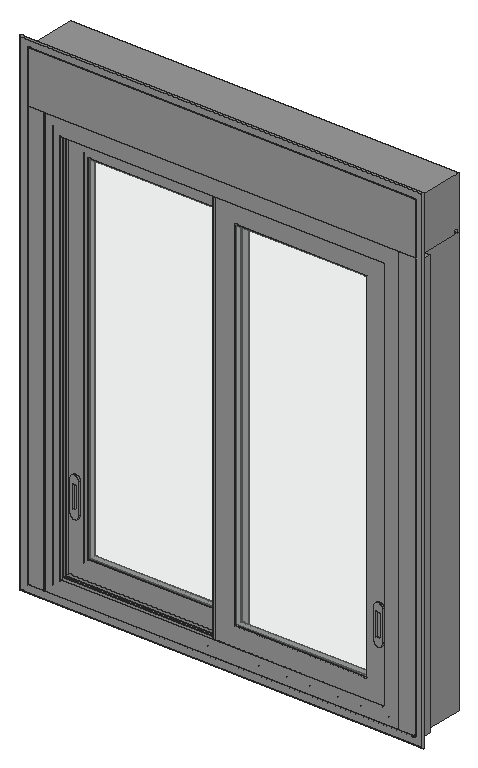
Revit family "2015_Ventana_Perfiles-Sapa_70mmRPT_2-Hojas-Corredera_X", category Ventanas, Revit 2015
Parameters (values of type "1230 x 1480 - Corredera + Monoblock")
  𝑙𝑔 P2 = (Altura Real / 1.00 mm - (AnchoMarco / 1.00 mm * 2)) * 2  # 2478.8
  𝑙𝑔 P1 = ((Altura Real / 1.00 mm - (AnchoMarco / 1.00 mm * 2)) + (Anchura Real / 1.00 mm - (AnchoMarco / 1.00 mm * 2 + AnchoMarcoCentral / 1.00 mm))) * 2  # 4297.6
  𝑈𝑤 = a / Area * 1.00 mm²  # 1.7495
  𝑈𝑔 V2 = 1
  𝑈𝑔 V1 = 1
  𝑈𝑓 P2 = 3.039
  𝑈𝑓 P1 = 2.42
  𝐴𝑔 V2 = (Altura Real / 1.00 mm - (AnchoMarco / 1.00 mm * 2)) * ((Anchura Real / 1.00 mm - (AnchoMarco / 1.00 mm * 2 + AnchoMarcoCentral / 1.00 mm)) / 2)  # 563555.18
  𝐴𝑔 V1 = (Altura Real / 1.00 mm - (AnchoMarco / 1.00 mm * 2)) * ((Anchura Real / 1.00 mm - (AnchoMarco / 1.00 mm * 2 + AnchoMarcoCentral / 1.00 mm)) / 2)  # 563555.18
  𝐴𝑓 P2 = (Altura Real / 1.00 mm - (AnchoMarco / 1.00 mm * 2)) * (AnchoMarcoCentral / 1.00 mm)  # 99152
  𝐴𝑓 P1 = (((Altura Real / 1.00 mm + Anchura Real / 1.00 mm) * AnchoMarco / 1.00 mm) * 2) - (AnchoMarco / 1.00 mm * AnchoMarco / 1.00 mm * 4)  # 594137.64
  a = (((1000000 * (((𝐴𝑓 P1 * 𝑈𝑓 P1) + (𝐴𝑓 P2 * 𝑈𝑓 P2)) / (𝐴𝑓 P1 + 𝐴𝑓 P2))) * (10 * (𝐴𝑓 P1 + 𝐴𝑓 P2))) / 10000000) + ((𝐴𝑔 V1 + 𝐴𝑔 V2) * (1 * ((𝐴𝑔 V1 * 𝑈𝑔 V1) + (𝐴𝑔 V2 * 𝑈𝑔 V2)) / (𝐴𝑔 V1 + 𝐴𝑔 V2))) + (((1000.00 mm² * (𝑙𝑔 P1 + 𝑙𝑔 P2)) * ((Y𝑔 P1 * 𝑙𝑔 P1) + (Y𝑔 P2 * 𝑙𝑔 P2)) / (𝑙𝑔 P1 + 𝑙𝑔 P2)) / 10.00 mm²)  # 3184737.1768
  Y𝑔 P2 = 0.47
  Y𝑔 P1 = 0.47
  VidaUtilEsperada = ""
  VersionElementoBIM = "1.0"  # constant formula
  UnidadMedicion = ""
  UnidadMantenimiento = ""
  Unidad = ""
  Uniclass2.0Titulo = "\"Door and window systems\""
  Uniclass2.0Codigo = "\"25-30\""
  URLProducto = "http://www.sapagroup.es"
  URL Poliamida - Catálogo = "http://www.technoform.com/fileadmin/Technoform_Bautec/standardprofiles.html"
  URL Poliamida = "http://www.technoform.es/"
  URL = "http://www.sapagroup.es"
  UNSPSCTitulo = "Windows"  # constant formula
  UNSPSCCodigo = "30171600"  # constant formula
  Tirador = Aluminio
  Monoblock = yes
  GarantiaExtendida = no
  Fabricante = "Perfiles de Sapa Extrusion"  # constant formula
  Distancia Marco ventana a Guías persiana = 100.00 mm
  ConfiguracionPoliamidas = "280600 - 979400"  # constant formula
  Comentarios de tipo = "Sistema de Ventana de 2 Hojas Rotura de Puente Térmico Modelo Perfiles corredera 70mmRPT + Monoblock"
  TransmitanciaTermica = 1.5000 W/(m²·K)  # constant formula
  TrabajoMantenimiento = ""
  TipoEmbalajeProteccion = ""
  TiempoMedioEntreFallos = ""
  TelefonoContacto = "+34 947 02 73 00"  # constant formula
  SalidaEmergencia = no
  ResistenciaFuego = ""
  ResistenciaAlViento = "Clase C5 (UNE-EN 12210:2000)"  # constant formula
  ResiduosPeligrososPorUnidad = 0
  ResiduosPeligrosos = 0
  ResiduosNoPeligrososPorUnidad = 0
  ResiduosNoPeligrosos = 0
  ResiduoRadioactivoPorUnidad = 0
  ResiduoRadioactivo = 0
  ResiduoInertePorUnidad = 0
  ResiduoInerte = 0
  RepisaInterior = no
  RepisaExterior = yes
  ReferenciaUnidadFuncional = ""
  ReferenciaLote = ""
  ReferenciaContacto = "Perfiles de Sapa Extrusion"  # constant formula
  Referencia = "Perfil corredera RPT"  # constant formula
  PuntoDeContacto = ""
  Practicable = yes
  Poliamida = Poliamida, Technoform Bautec, PA66 GF 25
  PermeabilidadAlAire = "Clase 3 (UNE-EN 1026:2000)"  # constant formula
  PeriodoGarantia = ""
  Perimetro = (Anchura / 1.00 mm * 2) + (Altura / 1.00 mm * 2)  # 5420
  Oscilobatiente = no
  Operación = "Corredera"
  OmniclassTitulo = "Vertical Sliding Window"  # constant formula
  OmniclassCodigo = "23.30.20.17.14.11"  # constant formula
  NumeroSerie = "C97R"  # constant formula
  NumeroArticuloGlobalComercial = ""
  NumeroArticulo = ""
  NormativaMantenimiento = ""
  NivelSeguridad = ""
  Motorizada = no
  Modelo = "Perfiles corredera 70mmRPT + Monoblock"
  MaterialEnvase = ""
  MaterialContenedor = ""
  MateriaPrima = 0
  MasterformatTitulo = "Aluminium Windows"  # constant formula
  MasterformatCodigo = "08 51 13"  # constant formula
  MasaSuperficialKgm2 = 0
  Marco = Aluminio
  Manija = yes
  LugarEnsamblaje = ""
  InstruccionesEspeciales = ""
  InformacionTecnica = ""
  IndiceGlobalRedAcusticaTr = ""
  IndiceGlobalRedAcustica = "Rw=30 dB ** (UNE-EN14351-1:2006)"  # constant formula
  IdentificadorGarantia = ""
  IFCClasificacion = ""
  GrosorMarco = 71.00 mm  # constant formula
  GrosorAcristalamiento = 18.00 mm  # constant formula
  FrecuenciaMantenimiento = ""
  FraccionAreaAcristalamiento = (𝐴𝑔 V1 + 𝐴𝑔 V2) / (Area / 1.00 mm²)  # 61.9155%
  FormacionFotoquimicaOzonoPorUnidad = 0
  FormacionFotoquimicaOzono = 0
  FechaVencimientoElementoBIM = "06/09/2017"  # constant formula
  FechaInstalacion = ""
  FechaInicioGarantia = ""
  FechaFinGarantia = ""
  FechaEvaluacion = ""
  FechaEmisionElementoBIM = "06/09/2016"  # constant formula
  FechaCompra = ""
  FaseCicloVida = ""
  FaltaDeRecursosPorUnidad = 0
  FaltaDeRecursos = 0
  FactorSombra = 0
  FactorSolarModificado = 3000000
  Exclusiones = ""
  EutrofizacionPorUnidad = 0
  Eutrofizacion = 0
  EtiquetaModelo = ""
  EstanqueidadAgua = "Clase 8A (UNE-EN 1027:2000)"  # constant formula
  Estado = ""
  EnergiaRenovableConsumidaPorUnidad = 0
  EnergiaRenovableConsumida = 0
  EnergiaPrimariaTotalConsumidaPorUnidad = 0
  EnergiaPrimariaTotalConsumida = 0
  EnergiaNoRenovableConsumidaPorUnidad = 0
  EnergiaNoRenovableConsumida = 0
  EmisionCO2 = 0
  EmailContacto = ""
  DuracionVidaUtil = ""
  Detalle Perfileria = yes
  DestruccionCapaOzonoEstratosfericaPorUnidad = 0
  DestruccionCapaOzonoEstratosferica = 0
  DesfaseInterior [instance] = 0.00 mm
  DesfaseExterior [instance] = 0.00 mm
  Descripción = "Ventana Corredera + Monoblock"
  DescripcionEvaluacion = ""
  CosteMantenimiento = 0
  CosteEnergeticoMj = 0 J
  CosteEnergeticoKwh = 0
  ControlHumos = no
  ContenidoGarantia = ""
  CondicionesMantenimiento = ""
  CondicionesGeneralesDeContratacion = ""
  CondicionesEvaluacion = "*Transmitáncia térmica calculada para carpintería de 4,6 m² con vidrio bajo emisivo de altas prestaciones térmicas.\r\n** Verntana de 1,23 x 1,48 m de dos hojas ( UNE-EN 14351-1:2006)"  # constant formula
  CodigoBedec = ""
  CodigoBarras = ""
  CertificadoMantenimiento = ""
  CerramientoExterior = yes
  CambioClimaticoPorUnidad = 0
  CambioClimatico = 0
  COBieCategoria = ""
  Aperturas Oscilobatiente [instance] = if(and(Aperturas, Oscilobatiente), 1 = 1, 1 = 0)  # no
  Aperturas [instance] = yes
  Anchura Real = if(Anchura > Anchura Máxima, Anchura Máxima, Anchura)  # 1230.00 mm
  Anchura Máxima = 1800.00 mm
  AnchoMarcoCentral = 80.00 mm  # constant formula
  AnchoMarco = 120.30 mm  # constant formula
  Ancho hueco con Monoblock = if(Monoblock, 54.69 mm, 0.00 mm)  # 54.69 mm
  Altura Real = if(Altura > Altura Máxima, Altura Máxima, Altura)  # 1480.00 mm
  Altura Máxima = 2500.00 mm
  Altura Manija [instance] = 1100.00 mm
  Altura = 1480.00 mm
  Bimetica = "http://www.bimetica.com"
  AñoProduccion = ""
  Autor = "Bimetica Parametric Design Services, S.L."  # constant formula
  Area = Altura Real * Anchura Real  # 1820400.00 mm²
  Altura de antepecho por defecto = 800.00 mm
  Cierre de muro = Por anfitrión
  Anchura = 1230.00 mm
  AguaConsumidaPorUnidad = 0
  AguaConsumida = 0
  Acristalamiento = Cristal - Vidrio claro templado
  AcidificacionAtmosfericaPorUnidad = 0
  AcidificacionAtmosferica = 0
  Acabado = ""
Types (3, lengths in mm): name | Monoblock | Comentarios de tipo | Modelo | Descripción | Ancho hueco con Monoblock
  (no name) | yes | "Sistema de Ventana de 2 Hojas Rotura de Puente Térmico Modelo Perfiles corredera 70mmRPT + Monoblock" | "Perfiles corredera 70mmRPT + Monoblock" | "Ventana Corredera + Monoblock" | 54.69
  1230 x 1480 - Corredera + Monoblock | yes | "Sistema de Ventana de 2 Hojas Rotura de Puente Térmico Modelo Perfiles corredera 70mmRPT + Monoblock" | "Perfiles corredera 70mmRPT + Monoblock" | "Ventana Corredera + Monoblock" | 54.69
  1230 x 1480 - Corredera | no | "Sistema de Ventana de 2 Hojas Rotura de Puente Térmico Modelo Perfiles corredera 70mmRPT" | "Perfiles corredera 70mmRPT" | "Ventana Corredera" | 0.00
Reference planes
  plane 1 "Centro (Frontal/Posterior)": y = -29
  plane 2 "Centro (Izquierda/Derecha)": x = 0
  plane 3 "Izquierda": x = -615
  plane 4 "Derecha": x = 615
  plane 5 "Antepecho": z = 800
  plane 6 "Extremo inicial": z = 2280
  plane 7 "Exterior": y = -100
  plane 8 "Interior": y = -100
  plane 9 "Altura Manija": z = 1100
  plane 10: z = 1293.333
  plane 11: x = 669.69
  plane 12: x = -669.69
  plane 13: z = 1786.667
Forms (mm)
  Sweep 1, solid, material "Aluminio" <- "Marco"
    path origin (0, -100, 0) x (1, 0, 0) y (0, 0, 1)
      loop
        line (615, 800) -> (615, 2280) -> (-615, 2280) -> (-615, 800) -> (615, 800)
    profile origin (615, -100, 1540) x (-1, 0, 0) y (0, -1, 0)
      loop
        arc (39.8, -14.4) -> (38.386, -14.986) -> (37.8, -16.4) r 2
        line (37.8, -16.4) -> (37.8, -22.4) -> (29.3, -22.4) -> (29.3, -1.4) -> (53.3, -1.4) -> (53.3, 0) -> (0, 0) -> (0, -71) -> (24.8, -71)
        arc (24.8, -71) -> (26.214, -70.414) -> (26.8, -69) r 2
        line (26.8, -69) -> (26.8, -54.2) -> (37.8, -54.2) -> (37.8, -60.2)
        arc (37.8, -60.2) -> (38.386, -61.614) -> (39.8, -62.2) r 2
        line (39.8, -62.2) -> (51.773, -62.2) -> (53.3, -56.5) -> (51.773, -50.8) -> (28.3, -50.8) -> (28.3, -25.8) -> (51.773, -25.8) -> (53.3, -20.1) -> (51.773, -14.4) -> (39.8, -14.4)
  Sweep 2, solid, material "Aluminio" <- "Marco"
    path origin (0, -100, 0) x (1, 0, 0) y (0, 0, 1)
      loop
        line (615, 800) -> (615, 2280) -> (-80.3, 2280) -> (-80.3, 800) -> (615, 800)
    profile origin (615, -100, 1540) x (-1, 0, 0) y (0, -1, 0)
      loop
        arc (118.8, -34.6) -> (119.861, -34.161) -> (120.3, -33.1) r 1.5
        line (120.3, -33.1) -> (120.3, -32.303) -> (102.751, -32.303) -> (102.751, -7.906) -> (120.3, -7.906) -> (120.3, -7.1)
        arc (120.3, -7.1) -> (119.861, -6.039) -> (118.8, -5.6) r 1.5
        line (118.8, -5.6) -> (53.3, -5.6)
        arc (53.3, -5.6) -> (48.443, -7.351) -> (43.3, -7.8) r 20
        line (43.3, -7.8) -> (43.3, -32.4)
        arc (43.3, -32.4) -> (48.443, -32.849) -> (53.3, -34.6) r 20
        line (53.3, -34.6) -> (118.8, -34.6)
  Extrusion 3, solid, material "Cristal - Vidrio claro templado" <- "Acristalamiento"
    sketch origin (0, 0, 800) x (0, -1, 0) y (1, 0, 0)
      loop
        line (70.9, 28) -> (88.9, 28) -> (88.9, 506.7) -> (70.9, 506.7) -> (70.9, 28)
      loop
        line (34.5, -27.999) -> (34.5, -506.7) -> (52.5, -506.7) -> (52.5, -27.999) -> (34.5, -27.999)
    from 108.3 to 1371.7
  Sweep 4, solid, material "Aluminio" <- "Marco", visible <- "Monoblock"
    path origin (0, -100, 0) x (1, 0, 0) y (0, 0, 1)
      loop
        line (669.69, 800) -> (669.69, 2465) -> (-669.69, 2465) -> (-669.69, 800) -> (669.69, 800)
    profile origin (669.69, -100, 1632.5) x (-1, 0, 0) y (0, -1, 0)
      loop
        line (0, 0) -> (0, 1.5) -> (1.5, 1.5)
        arc (1.5, 1.5) -> (1.061, 2.561) -> (0, 3) r 1.5
        line (0, 3) -> (-23.5, 3)
        arc (-23.5, 3) -> (-25.621, 2.121) -> (-26.5, 0) r 3
        line (-26.5, 0) -> (0, 0)
  Sweep 5, solid, material "Aluminio" <- "Marco"
    path origin (0, -100, 0) x (1, 0, 0) y (0, 0, 1)
      loop
        line (-615, 800) -> (80.3, 800) -> (80.3, 2280) -> (-615, 2280) -> (-615, 800)
    profile origin (-615, -100, 1540) x (-1, 0, 0) y (0, -1, 0)
      loop
        line (-118.8, -71) -> (-53.3, -71)
        arc (-53.3, -71) -> (-48.443, -69.249) -> (-43.3, -68.8) r 20
        line (-43.3, -68.8) -> (-43.3, -44.2)
        arc (-43.3, -44.2) -> (-48.443, -43.751) -> (-53.3, -42) r 20
        line (-53.3, -42) -> (-118.8, -42)
        arc (-118.8, -42) -> (-119.861, -42.439) -> (-120.3, -43.5) r 1.5
        line (-120.3, -43.5) -> (-120.3, -44.306) -> (-102.751, -44.306) -> (-102.751, -68.703) -> (-120.3, -68.703) -> (-120.3, -69.5)
        arc (-120.3, -69.5) -> (-119.861, -70.561) -> (-118.8, -71) r 1.5
  Extrusion 6, solid, material "Aluminio" <- "Marco"
    sketch origin (0, 0, 800) x (0, -1, 0) y (1, 0, 0)
      loop
        line (34.639, 39.999) -> (31.2, 38.247) -> (31.2, 37) -> (58.2, 37) -> (58.2, -6) -> (59.5, -6) -> (59.5, -36)
        arc (59.5, -36) -> (60.672, -38.828) -> (63.5, -40) r 4
        line (63.5, -40) -> (88.759, -40) -> (92.2, -38.247) -> (92.2, -37) -> (65.2, -37) -> (65.2, 6) -> (63.9, 6) -> (63.9, 36)
        arc (63.9, 36) -> (62.763, 38.793) -> (60, 39.999) r 4
        line (60, 39.999) -> (34.639, 39.999)
    from 43.3 to 1467.5
  Extrusion 7, solid, material "Aluminio", detail levels medium+fine
    sketch origin (0, 0, 0) x (0, -1, 0) y (0, 0, 1)
      loop
        line (56.995, 2280) -> (56.995, 2281.75) -> (26.795, 2281.75)
        arc (26.795, 2281.75) -> (24.391, 2280.754) -> (23.395, 2278.35) r 3.4
        line (23.395, 2278.35) -> (23.395, 2226.6) -> (24.795, 2226.6) -> (24.795, 2255.1) -> (28.495, 2255.1) -> (28.495, 2256.5) -> (24.795, 2256.5) -> (24.795, 2278)
        arc (24.795, 2278) -> (25.381, 2279.414) -> (26.795, 2280) r 2
        line (26.795, 2280) -> (56.995, 2280)
    from -615 to 615
  Extrusion 8, solid, material "Aluminio" <- "Tirador", visible <- "Manija", detail levels fine
    sketch origin (0, -100, 0) x (1, 0, 0) y (0, 0, 1)
      loop
        arc (-553.949, 1047) -> (-538.949, 1032) -> (-523.949, 1047) r 15
        line (-523.949, 1047) -> (-523.949, 1153)
        arc (-523.949, 1153) -> (-538.949, 1168) -> (-553.949, 1153) r 15
        line (-553.949, 1153) -> (-553.949, 1047)
      loop
        line (-530.949, 1140) -> (-546.949, 1140) -> (-546.949, 1060) -> (-530.949, 1060) -> (-530.949, 1140)
    from -42 to -37
  Extrusion 9, solid, material "Aluminio" <- "Tirador", visible <- "Manija", detail levels fine
    sketch origin (0, -100, 0) x (1, 0, 0) y (0, 0, 1)
      loop
        line (553.949, 1047) -> (553.949, 1153)
        arc (553.949, 1153) -> (538.949, 1168) -> (523.949, 1153) r 15
        line (523.949, 1153) -> (523.949, 1047)
        arc (523.949, 1047) -> (538.949, 1032) -> (553.949, 1047) r 15
      loop
        line (530.949, 1140) -> (530.949, 1060) -> (546.949, 1060) -> (546.949, 1140) -> (530.949, 1140)
    from -5.6 to -0.6
Lines and regions (mm)
  Opening 1
    outline origin (3500, -100, 0) x (1, 0, 0) y (0, 0, 1)
      loop
        line (-2830.31, 800) -> (-2830.31, 2280) -> (-4169.69, 2280) -> (-4169.69, 800) -> (-2830.31, 800)
  symbolic lines, style "WindowsGlassProjection", detail levels medium+fine
    curve 1: line (28, -70.9, 800) -> (506.7, -70.9, 800)
    curve 2: line (28, -88.9, 800) -> (28, -70.9, 800)
    curve 3: line (506.7, -88.9, 800) -> (28, -88.9, 800)
    curve 4: line (506.7, -70.9, 800) -> (506.7, -88.9, 800)
    curve 7: line (-615, -52.5, 2171.7) -> (-615, -34.5, 2171.7)
    curve 8: line (-615, -52.5, 908.3) -> (-615, -52.5, 2171.7)
    curve 9: line (-615, -34.5, 908.3) -> (-615, -52.5, 908.3)
    curve 10: line (-615, -34.5, 2171.7) -> (-615, -34.5, 908.3)
    curve 13: line (-506.7, -34.5, 800) -> (-27.999, -34.5, 800)
    curve 14: line (-506.7, -52.5, 800) -> (-506.7, -34.5, 800)
    curve 15: line (-27.999, -52.5, 800) -> (-506.7, -52.5, 800)
    curve 16: line (-27.999, -34.5, 800) -> (-27.999, -52.5, 800)
  symbolic lines, style "WindowsGlassProjection", detail levels fine
    curve 5: line (506.7, -84.9, 800) -> (28, -84.9, 800)
    curve 6: line (28, -74.9, 800) -> (506.7, -74.9, 800)
    curve 11: line (-615, -38.5, 2171.7) -> (-615, -38.5, 908.3)
    curve 12: line (-615, -48.5, 908.3) -> (-615, -48.5, 2171.7)
    curve 17: line (-27.999, -48.5, 800) -> (-506.7, -48.5, 800)
    curve 18: line (-506.7, -38.5, 800) -> (-27.999, -38.5, 800)
  symbolic lines, style "Batiente de alzado", visible <- "Aperturas"
    curve 19: line (410, -100, 1293.333) -> (410, -100, 1786.667)
    curve 20: line (410, -100, 1786.667) -> (205, -100, 1786.667)
    curve 21: line (205, -100, 1786.667) -> (258.033, -100, 1839.7)
    curve 22: line (205, -100, 1786.667) -> (258.033, -100, 1733.634)
    curve 23: line (-410, -100, 1293.333) -> (-410, -100, 1786.667)
    curve 24: line (-410, -100, 1786.667) -> (-205, -100, 1786.667)
    curve 25: line (-205, -100, 1786.667) -> (-258.033, -100, 1839.7)
    curve 26: line (-205, -100, 1786.667) -> (-258.033, -100, 1733.634)
  reference lines
    curve 27: line (-410, -100, 2860.196) -> (-410, -100, 2440.196)
    curve 28: line (-205, -100, 2860.196) -> (-205, -100, 2437.249)
    curve 29: line (410, -100, 2860.196) -> (410, -100, 2440.196)
    curve 30: line (205, -100, 2860.196) -> (205, -100, 2437.249)
Text (mm)
  text "EXTERIOR" at (-1963.203, 1332.353, 0), in view "Nivel de referencia"
  text "INTERIOR" at (-1981.466, -818.386, 0), in view "Nivel de referencia"
  text "Exterior" at (0, 923.751, 2943.296), in view "Derecha"
  text "Exterior" at (0, 1040.484, 2685.409), in view "Izquierda"
Dimensions and locks
  equal spacing: plane 3 "Izquierda", plane 2 "Centro (Izquierda/Derecha)", plane 4 "Derecha"
  "Anchura Real": plane 3 "Izquierda" to plane 4 "Derecha"
  "Altura": plane 5 "Antepecho" to plane 6 "Extremo inicial"
  "Altura de antepecho por defecto": plane 5 "Antepecho" to level
  "DesfaseInterior": plane 8 "Interior" to plane 7 "Exterior"
  "DesfaseExterior": host wall to plane 7 "Exterior"
  "Altura Manija": plane 9 "Altura Manija" to level
  "GrosorMarco": plane 8 "Interior" to plane 1 "Centro (Frontal/Posterior)"
  locked: plane 8 "Interior" to Extrusion 3 sketch curve at 11.1
  locked: Extrusion 3 sketch curve to plane 4 "Derecha" at 108.3
  locked: Extrusion 3 to plane 5 "Antepecho" at 108.3
  locked: plane 6 "Extremo inicial" to Extrusion 3 at 108.3
  "GrosorAcristalamiento": Extrusion 3 to Extrusion 3  (x2)
  curve 10 to curve 11 to curve 12 to curve 8 to plane 8 "Interior" = 4.00 mm locked, 10.00 mm locked, 4.00 mm locked, 47.50 mm locked
  locked: plane 5 "Antepecho" to curve 9 at 108.3
  locked: curve 7 to plane 6 "Extremo inicial" at 108.3
  "Ancho hueco con Monoblock": plane 12 to plane 3 "Izquierda"
  "Ancho hueco con Monoblock": plane 4 "Derecha" to plane 11
  Sweep 4 sketch curve to Sweep 4 sketch curve to profile plane = 1.50 mm locked, 1.50 mm locked
  locked: profile plane to Sweep 4 sketch curve at 23.5
  locked: plane 3 "Izquierda" to Extrusion 3 sketch curve at 108.3
  Extrusion 3 sketch curve to plane 2 "Centro (Izquierda/Derecha)" to Extrusion 3 sketch curve = 27.999 mm locked, 28.00 mm locked
  equal spacing: plane 6 "Extremo inicial", plane 13, plane 10, plane 5 "Antepecho"
  curve 21 to plane 13 to curve 22 = 53.033 mm locked, 53.033 mm locked
  curve 25 to plane 13 to curve 26 = 53.033 mm locked, 53.033 mm locked
  profile plane to Sweep 5 sketch curve to Sweep 5 sketch curve to Sweep 5 sketch curve to Sweep 5 sketch curve to Sweep 5 sketch curve to Sweep 5 sketch curve = 24.218 mm locked, 17.782 mm locked, 2.306 mm locked, 24.397 mm locked, 2.297 mm locked, 17.782 mm locked
  profile plane to Sweep 5 sketch curve to Sweep 5 sketch curve to Sweep 5 sketch curve to Sweep 5 sketch curve to Sweep 5 sketch curve to Sweep 5 sketch curve to Sweep 5 sketch curve to Sweep 5 sketch curve to Sweep 5 sketch curve to Sweep 5 sketch curve = 43.30 mm locked, 0.846 mm locked, 0.00 mm locked, 9.154 mm locked, 0.00 mm locked, 49.451 mm locked, 16.049 mm locked, 0.00 mm locked, 1.50 mm locked, 0.00 mm locked
  Sweep 2 sketch curve to Sweep 2 sketch curve to Sweep 2 sketch curve to Sweep 2 sketch curve to Sweep 2 sketch curve to Sweep 2 sketch curve to Sweep 2 sketch curve to Sweep 2 sketch curve to Sweep 2 sketch curve to Sweep 2 sketch curve to profile plane = 0.00 mm locked, 1.50 mm locked, 0.00 mm locked, 16.049 mm locked, 49.451 mm locked, 0.00 mm locked, 9.154 mm locked, 0.00 mm locked, 0.846 mm locked, 43.30 mm locked
  locked: plane 2 "Centro (Izquierda/Derecha)" to Sweep 5 sketch curve at 80.3
  profile plane to Sweep 1 sketch curve to Sweep 1 sketch curve to Sweep 1 sketch curve to Sweep 1 sketch curve to Sweep 1 sketch curve to Sweep 1 sketch curve to Sweep 1 sketch curve to Sweep 1 sketch curve to Sweep 1 sketch curve to Sweep 1 sketch curve to Sweep 1 sketch curve to Sweep 1 sketch curve to Sweep 1 sketch curve = 1.40 mm locked, 13.00 mm locked, 2.00 mm locked, 3.70 mm locked, 2.30 mm locked, 3.40 mm locked, 25.00 mm locked, 3.40 mm locked, 2.30 mm locked, 3.70 mm locked, 2.00 mm locked, 6.80 mm locked, 2.00 mm locked
  Sweep 1 sketch curve to Sweep 1 sketch curve to Sweep 1 sketch curve to Sweep 1 sketch curve to Sweep 1 sketch curve to Sweep 1 sketch curve to Sweep 1 sketch curve to Sweep 1 sketch curve to Sweep 1 sketch curve to Sweep 1 sketch curve to Sweep 1 sketch curve to Sweep 1 sketch curve to Sweep 1 sketch curve to Sweep 1 sketch curve to Sweep 1 sketch curve to profile plane = 0.00 mm locked, 0.00 mm locked, 1.527 mm locked, 0.00 mm locked, 0.00 mm locked, 0.00 mm locked, 11.973 mm locked, 0.00 mm locked, 2.00 mm locked, 0.00 mm locked, 8.50 mm locked, 1.00 mm locked, 1.50 mm locked, 2.00 mm locked, 24.80 mm locked
  Sweep 2 sketch curve to profile plane to Sweep 2 sketch curve to Sweep 2 sketch curve to Sweep 2 sketch curve to Sweep 2 sketch curve to Sweep 2 sketch curve to Sweep 2 sketch curve = 12.182 mm locked, 5.60 mm locked, 1.50 mm locked, 0.806 mm locked, 24.397 mm locked, 0.797 mm locked, 1.50 mm locked
  locked: Sweep 2 sketch curve to plane 2 "Centro (Izquierda/Derecha)" at 80.3
  locked: plane 8 "Interior" to Extrusion 3 sketch curve at 47.5
  locked: plane 3 "Izquierda" to curve 14 at 108.3
  curve 16 to plane 2 "Centro (Izquierda/Derecha)" to curve 2 = 27.999 mm locked, 28.00 mm locked
  locked: curve 4 to plane 4 "Derecha" at 108.3
  plane 8 "Interior" to curve 15 to curve 17 to curve 18 to curve 13 = 47.50 mm locked, 4.00 mm locked, 10.00 mm locked, 4.00 mm locked
  plane 8 "Interior" to curve 3 to curve 5 to curve 6 to curve 1 = 11.10 mm locked, 4.00 mm locked, 10.00 mm locked, 4.00 mm locked
  plane 8 "Interior" to Extrusion 6 sketch curve to Extrusion 6 sketch curve to Extrusion 6 sketch curve to Extrusion 6 sketch curve to Extrusion 6 sketch curve to Extrusion 6 sketch curve to Extrusion 6 sketch curve to Extrusion 6 sketch curve to Extrusion 6 sketch curve to Extrusion 6 sketch curve = 7.80 mm locked, 3.441 mm locked, 23.559 mm locked, 1.30 mm locked, 0.399 mm locked, 3.601 mm locked, 0.399 mm locked, 1.30 mm locked, 23.561 mm locked, 3.439 mm locked
  Extrusion 6 sketch curve to Extrusion 6 sketch curve to Extrusion 6 sketch curve to Extrusion 6 sketch curve to Extrusion 6 sketch curve to plane 2 "Centro (Izquierda/Derecha)" to Extrusion 6 sketch curve to Extrusion 6 sketch curve to Extrusion 6 sketch curve to Extrusion 6 sketch curve to Extrusion 6 sketch curve = 1.753 mm locked, 1.247 mm locked, 1.00 mm locked, 30.00 mm locked, 6.00 mm locked, 6.00 mm locked, 30.00 mm locked, 1.00 mm locked, 1.247 mm locked, 1.752 mm locked
  Extrusion 7 sketch curve to Extrusion 7 sketch curve to Extrusion 7 sketch curve to Extrusion 7 sketch curve to Extrusion 7 sketch curve to plane 6 "Extremo inicial" = 28.50 mm locked, 1.40 mm locked, 21.50 mm locked, 0.35 mm locked, 1.65 mm locked
  Extrusion 7 sketch curve to Extrusion 7 sketch curve to Extrusion 7 sketch curve to Extrusion 7 sketch curve to Extrusion 7 sketch curve to Extrusion 7 sketch curve to Extrusion 7 sketch curve to plane 8 "Interior" = 1.40 mm locked, 0.00 mm locked, 2.00 mm locked, 0.00 mm locked, 1.70 mm locked, 28.50 mm locked, 43.005 mm locked
  equal spacing: plane 3 "Izquierda", curve 27, curve 28, plane 2 "Centro (Izquierda/Derecha)"
  curve 25 to curve 26 to curve 28 = 0.00 mm locked, 53.033 mm locked
  equal spacing: plane 4 "Derecha", curve 29, curve 30, plane 2 "Centro (Izquierda/Derecha)"
  curve 30 to curve 21 to curve 22 = 53.033 mm locked, 0.00 mm locked
  Extrusion 8 sketch curve to Extrusion 8 sketch curve to plane 9 "Altura Manija" to Extrusion 8 sketch curve to Extrusion 8 sketch curve = 13.00 mm locked, 40.00 mm locked, 40.00 mm locked, 13.00 mm locked
  plane 3 "Izquierda" to Extrusion 8 sketch curve to Extrusion 8 sketch curve to Extrusion 8 sketch curve to Extrusion 8 sketch curve = 61.051 mm locked, 7.00 mm locked, 16.00 mm locked, 7.00 mm locked
  Extrusion 9 sketch curve to Extrusion 9 sketch curve to plane 9 "Altura Manija" to Extrusion 9 sketch curve to Extrusion 9 sketch curve = 13.00 mm locked, 40.00 mm locked, 40.00 mm locked, 13.00 mm locked
  Extrusion 9 sketch curve to Extrusion 9 sketch curve to Extrusion 9 sketch curve to Extrusion 9 sketch curve to plane 4 "Derecha" = 7.00 mm locked, 16.00 mm locked, 7.00 mm locked, 61.051 mm locked
  Extrusion 9 to Extrusion 9 to plane 8 "Interior" = 5.00 mm locked, 0.60 mm locked
  Extrusion 8 to Extrusion 8 to plane 8 "Interior" = 5.00 mm locked, 37.00 mm locked
  aligned and locked: Sweep 1 sketch curve to plane 4 "Derecha"
  aligned and locked: Sweep 1 sketch curve to plane 6 "Extremo inicial"
  aligned and locked: plane 3 "Izquierda" to Sweep 1 sketch curve
  aligned and locked: plane 5 "Antepecho" to Sweep 1 sketch curve
  aligned and locked: nested 1 to plane 2 "Centro (Izquierda/Derecha)"
  aligned and locked: plane 8 "Interior" to nested 1
  aligned and locked: plane 12 to Opening 1 sketch curve
  aligned and locked: Opening 1 sketch curve to plane 11
  aligned and locked: plane 5 "Antepecho" to Sweep 4 sketch curve
  aligned and locked: Sweep 4 sketch curve to plane 11
  aligned and locked: Sweep 4 sketch curve to plane 12
  aligned and locked: Sweep 4 sketch curve to nested 1
  aligned and locked: profile plane to Sweep 4 sketch curve  (x4)
  aligned and locked: plane 2 "Centro (Izquierda/Derecha)" to nested 2
  aligned and locked: Sweep 5 sketch curve to plane 3 "Izquierda"
  aligned and locked: plane 13 to curve 20
  aligned and locked: plane 13 to curve 22
  aligned and locked: plane 10 to curve 19
  aligned and locked: curve 24 to plane 13
  aligned and locked: curve 26 to plane 13
  aligned and locked: plane 10 to curve 23
  aligned and locked: Sweep 2 sketch curve to plane 4 "Derecha"
  aligned and locked: plane 4 "Derecha" to nested 3
  aligned and locked: nested 3 to plane 8 "Interior"
  aligned and locked: nested 5 to plane 5 "Antepecho"
  aligned and locked: plane 8 "Interior" to nested 5
  aligned and locked: Sweep 5 sketch curve to plane 5 "Antepecho"
  aligned and locked: plane 6 "Extremo inicial" to Sweep 5 sketch curve
  aligned and locked: nested 6 to plane 8 "Interior"
  aligned and locked: nested 6 to plane 6 "Extremo inicial"
  aligned and locked: plane 3 "Izquierda" to Extrusion 7
  aligned and locked: Extrusion 7 to plane 4 "Derecha"
  aligned and locked: Sweep 5 to Extrusion 6
  aligned and locked: curve 23 to curve 27
  aligned and locked: curve 28 to curve 25
  aligned and locked: curve 19 to curve 29
  aligned and locked: curve 30 to curve 22
  aligned and locked: Sweep 2 sketch curve to plane 6 "Extremo inicial"
  aligned and locked: plane 5 "Antepecho" to Sweep 2 sketch curve
  aligned and locked: nested 4 to plane 8 "Interior"
  aligned and locked: plane 8 "Interior" to nested 2
  aligned and locked: Extrusion 9 to Sweep 2
  aligned and locked: plane 3 "Izquierda" to nested 4
Automatic sketch dimensions
  Sweep 2 sketch curve to Sweep 2 sketch curve = 24.60 mm
  Extrusion 3 sketch curve to Extrusion 3 sketch curve = 18.00 mm  (x2)
  curve 28 to plane 6 "Extremo inicial" = 157.249 mm
  curve 30 to plane 6 "Extremo inicial" = 157.249 mm
  curve 29 to plane 6 "Extremo inicial" = 160.196 mm
  curve 27 to plane 6 "Extremo inicial" = 160.196 mm
  curve 29 to curve 29 = 420.00 mm
  curve 30 to curve 29 = 0.00 mm
  curve 28 to curve 30 = 0.00 mm
  curve 27 to curve 28 = 0.00 mm
  Opening 1 sketch curve to plane 5 "Antepecho" = 0.00 mm
  Opening 1 sketch curve to plane 6 "Extremo inicial" = 0.00 mm
  plane 8 "Interior" to Sweep 1 sketch curve = 0.00 mm
  Sweep 1 sketch curve to profile plane = 0.00 mm
Nested families
  nested 1: "2015_Persiana_Sapa-Group_Monoblock-Genérico" at (0, -100, 0), visible <- "Monoblock", Grosor Marco ventana <- "GrosorMarco", Altura ventana <- "Altura Real", Antepecho <- "Altura de antepecho por defecto", Material Monoblock <- "Marco", Distancia Marco ventana a Guías persiana <- "Distancia Marco ventana a Guías persiana", Anchura ventana <- "Anchura Real", type "2015_Monoblock-Genérico"
    with Material Monoblock Aluminio, Grosor Marco ventana 71.00 mm, Distancia Marco ventana a Guías persiana 100.00 mm, Antepecho 800.00 mm, Anchura ventana 1230.00 mm, Altura ventana 1480.00 mm
  nested 2: "EXPRAL_C97R_Detalle-Carpintería" at (0, -29, 800) x (-1, 0, 0) z (0, 0, -1), visible <- "Detalle Perfileria", type "Montante Central 2H Correderas", detail levels medium+fine
  nested 3: "EXPRAL_C97R_Detalle-Carpintería" at (615, -100, 800) x (1, 0, 0) z (0, 0, -1), visible <- "Detalle Perfileria", type "Marco y Hoja Corredera Derecha", detail levels medium+fine
  nested 4: "EXPRAL_C97R_Detalle-Carpintería" at (-615, -100, 800) x (1, 0, 0) z (0, 0, -1), visible <- "Detalle Perfileria", type "Marco y Hoja Corredera Izquierda", detail levels medium+fine
  nested 5: "EXPRAL_C97R_Detalle-Carpintería" at (-615, -100, 800) x (0, 0, 1) z (-1, 0, 0), visible <- "Detalle Perfileria", type "Marco y Hoja Corredera Izquierda", detail levels medium+fine
  nested 6: "EXPRAL_C97R_Detalle-Carpintería" at (-615, -100, 2280) x (0, 0, -1) z (-1, 0, 0), visible <- "Detalle Perfileria", type "Marco y Hoja Corredera Izquierda", detail levels medium+fine
Definition of nested family "2015_Persiana_Sapa-Group_Monoblock-Genérico"
  Parameters (values of type "Monoblock Genérico")
    VidaUtilEsperada = ""
    VersionElementoBIM = ""
    UnidadMedicion = ""
    UnidadMantenimiento = ""
    Unidad = ""
    Uniclass2.0Titulo = "Roller blinds"  # constant formula
    Uniclass2.0Codigo = "30-59-07-72"  # constant formula
    URLProducto = ""
    URL = "http://www.sapagroup.es"
    UNSPSCTitulo = "Vertical blinds"  # constant formula
    UNSPSCCodigo = "52131604"  # constant formula
    TrabajoMantenimiento = ""
    TipoEmbalajeProteccion = ""
    TiempoMedioEntreFallos = ""
    TelefonoContacto = "+34 947 02 73 00"  # constant formula
    ResistenciaAlViento = ""
    ResiduosPeligrososPorUnidad = 0
    ResiduosPeligrosos = 0
    ResiduosNoPeligrososPorUnidad = 0
    ResiduosNoPeligrosos = 0
    ResiduoRadioactivoPorUnidad = 0
    ResiduoRadioactivo = 0
    ResiduoInertePorUnidad = 0
    ResiduoInerte = 0
    ReferenciaUnidadFuncional = ""
    ReferenciaLote = ""
    ReferenciaContacto = "SAPA ALFIL"  # constant formula
    Referencia = ""
    PuntoDeContacto = ""
    PeriodoGarantia = ""
    OmniclassTitulo = "Window Blinds"  # constant formula
    OmniclassCodigo = "23-17 21 13 11"  # constant formula
    NumeroSerie = ""
    NumeroArticuloGlobalComercial = ""
    NumeroArticulo = ""
    NormativaMantenimiento = ""
    Model = "Monoblock genérico"  # constant formula
    MaterialEnvase = ""
    MaterialContenedor = ""
    Material Monoblock [instance] = none
    MateriaPrima = 0.00%
    MasterformatTitulo = "Window Blinds"  # constant formula
    MasterformatCodigo = "12 21 00"  # constant formula
    MasaSuperficialKgm2 = 0
    Grosor Marco ventana [instance] = 100.00 mm
    Manufacturer = "Grupo SAPA"  # constant formula
    LugarEnsamblaje = ""
    InstruccionesEspeciales = ""
    InformacionTecnica = ""
    IdentificadorGarantia = ""
    IFCClasificacion = ""
    GarantiaExtendida = no
    FrecuenciaMantenimiento = ""
    FormacionFotoquimicaOzonoPorUnidad = 0
    FormacionFotoquimicaOzono = 0
    FechaVencimientoElementoBIM = "03-10-2017"  # constant formula
    FechaInstalacion = ""
    FechaInicioGarantia = ""
    FechaFinGarantia = ""
    FechaEvaluacion = ""
    FechaEmisionElementoBIM = "03-10-2016"  # constant formula
    FechaCompra = ""
    FaseCicloVida = ""
    FaltaDeRecursosPorUnidad = 0
    FaltaDeRecursos = 0
    Exclusiones = ""
    EutrofizacionPorUnidad = 0
    Eutrofizacion = 0
    EtiquetaModelo = ""
    EstanqueidadAgua = ""
    EnergiaRenovableConsumidaPorUnidad = 0
    EnergiaRenovableConsumida = 0
    EnergiaPrimariaTotalConsumidaPorUnidad = 0
    EnergiaNoRenovableConsumidaPorUnidad = 0
    EnergiaNoRenovableConsumida = 0
    EmisionCO2 = 0
    EmailContacto = "sistemas.es@sapagroup.com"  # constant formula
    DuracionVidaUtil = ""
    Distancia Marco ventana a Guías persiana [instance] = 120.00 mm
    DestruccionCapaOzonoEstratosfericaPorUnidad = 0
    DestruccionCapaOzonoEstratosferica = 0
    Description = "Montantes y Caja para persiana enrollable tipo Monoblock genérica"  # constant formula
    DescripcionEvaluacion = ""
    CosteMantenimiento = 0
    CosteEnergeticoMj = 0 J
    CosteEnergeticoKwh = 0
    ContenidoGarantia = ""
    CondicionesMantenimiento = ""
    CondicionesGeneralesDeContratacion = ""
    CondicionesEvaluacion = ""
    CodigoBedec = ""
    CodigoBarras = ""
    CertificadoMantenimiento = ""
    CambioClimaticoPorUnidad = 0
    CambioClimatico = 0
    COBieCategoria = ""
    Bimetica = "http://www.bimetica.com"
    AñoProduccion = ""
    Autor = "Bimetica Parametric Design Services S.L."  # constant formula
    Antepecho [instance] = 500.00 mm
    Anchura ventana [instance] = 1200.00 mm
    Altura ventana [instance] = 1400.00 mm
    AguaConsumidaPorUnidad = 0
    AguaConsumida = 0
    AcidificacionAtmosfericaPorUnidad = 0
    AcidificacionAtmosferica = 0
  Types (2, lengths in mm): name | URL | Distancia Marco ventana a Guías persiana
    Monoblock Genérico | "http://www.sapagroup.es" | 120.00
    2015_Monoblock-Genérico | "" | 113.556
  Reference planes
    plane 1 "Centro (Frontal/Posterior)": y = 0
    plane 2: z = 0
    plane 3 "Centro (Izquierda/Derecha)": x = 0
    plane 4: z = 1900
    plane 5: x = -600
    plane 6: x = 600
    plane 7: y = 100
    plane 8: y = 220
    plane 9 "antepecho": z = 500
  Forms (mm)
    Extrusion 1, solid, material <- "Material Monoblock"
      sketch origin (0, 0, 500) x (-1, 0, 0) y (0, -1, 0)
        loop
          line (654.692, 1.5) -> (597, 1.5) -> (597, 0) -> (600, 0) -> (600, -212.9) -> (610.135, -212.9) -> (610.135, -210.45) -> (623.435, -210.45) -> (623.435, -229.55) -> (610.135, -229.55) -> (610.135, -227.1) -> (600, -227.1) -> (600, -231.05) -> (654.692, -231.05) -> (654.692, -38.611) -> (671.535, -38.611) -> (671.535, -11.811) -> (654.692, -11.811) -> (654.692, 1.5)
        loop
          line (-654.692, 1.5) -> (-654.692, -11.811) -> (-671.535, -11.811) -> (-671.535, -38.611) -> (-654.692, -38.611) -> (-654.692, -231.05) -> (-600, -231.05) -> (-600, -227.1) -> (-610.135, -227.1) -> (-610.135, -229.55) -> (-623.435, -229.55) -> (-623.435, -210.45) -> (-610.135, -210.45) -> (-610.135, -212.9) -> (-600, -212.9) -> (-600, 0) -> (-597, 0) -> (-597, 1.5) -> (-654.692, 1.5)
      from 0 to 1400
    Extrusion 2, solid, material <- "Material Monoblock"
      sketch origin (0, 0, 0) x (0, 1, 0) y (0, 0, 1)
        loop
          line (-1.5, 2085) -> (-1.5, 1900) -> (210.45, 1900) -> (210.45, 1915) -> (229.55, 1915) -> (229.55, 1900) -> (231.05, 1900) -> (231.05, 2085) -> (-1.5, 2085)
      from -654.692 to 654.692
  Lines and regions (mm)
    Masking region 1
      outline origin (0, 0, 0) x (0, 1, 0) y (0, 0, 1)
        loop
          line (-1.5, 2085) -> (-1.5, 1900) -> (231.05, 1900) -> (231.05, 2085) -> (-1.5, 2085)
    Masking region 2
      outline origin (0, 0, 0) x (1, 0, 0) y (0, 1, 0)
        loop
          line (654.692, 38.611) -> (654.692, 231.05) -> (600, 231.05) -> (600, 227.1) -> (610.135, 227.1) -> (610.135, 229.55) -> (623.435, 229.55) -> (623.435, 210.45) -> (610.135, 210.45) -> (610.135, 212.9) -> (600, 212.9) -> (600, 0) -> (597, 0) -> (597, -1.5) -> (654.692, -1.5) -> (654.692, 11.811) -> (671.535, 11.811) -> (671.535, 38.611) -> (654.692, 38.611)
        loop
          line (-600, 0) -> (-600, 212.9) -> (-610.135, 212.9) -> (-610.135, 210.45) -> (-623.435, 210.45) -> (-623.435, 229.55) -> (-610.135, 229.55) -> (-610.135, 227.1) -> (-600, 227.1) -> (-600, 231.05) -> (-654.692, 231.05) -> (-654.692, 38.611) -> (-671.535, 38.611) -> (-671.535, 11.811) -> (-654.692, 11.811) -> (-654.692, -1.5) -> (-597, -1.5) -> (-597, 0) -> (-600, 0)
    symbolic lines, detail levels medium+fine
      curve 1: line (0, -1.5, 2073) -> (0, 231.05, 2073)
      curve 2: line (0, 10.5, 2073) -> (0, 10.5, 1912)
      curve 3: line (0, 208.95, 1912) -> (0, -1.5, 1912)
      curve 4: circle (0, 145, 1991.096) r 75 normal (-1, 0, 0)
      curve 5: line (0, 145, 2047.191) -> (0, 145, 1934.846)
      curve 6: line (0, 201.464, 1991.096) -> (0, 89.405, 1991.096)
      curve 7: line (0, 208.95, 1900) -> (0, 208.95, 1912)
      curve 8: line (-653.192, 229.55, 500) -> (-624.935, 229.55, 500)
      curve 9: line (-624.935, 208.95, 500) -> (-601.5, 208.95, 500)
      curve 10: line (-601.5, 0, 500) -> (-653.192, 0, 500)
      curve 11: line (-653.192, 13.311, 500) -> (-670.035, 13.311, 500)
      curve 12: line (-670.035, 21.211, 500) -> (-671.535, 21.211, 500)
      curve 13: line (-671.535, 29.211, 500) -> (-670.035, 29.211, 500)
      curve 14: line (-670.035, 37.111, 500) -> (-653.192, 37.111, 500)
      curve 15: line (-653.192, 229.55, 500) -> (-653.192, 37.111, 500)
      curve 16: line (-670.035, 37.111, 500) -> (-670.035, 29.211, 500)
      curve 17: line (-653.192, 13.311, 500) -> (-653.192, 0, 500)
      curve 18: line (-624.935, 208.95, 500) -> (-624.935, 229.55, 500)
      curve 19: line (-601.5, 208.95, 500) -> (-601.5, 0, 500)
      curve 20: line (-670.035, 13.311, 500) -> (-670.035, 21.211, 500)
      curve 21: line (653.192, 229.55, 500) -> (624.935, 229.55, 500)
      curve 22: line (624.935, 208.95, 500) -> (601.5, 208.95, 500)
      curve 23: line (601.5, 0, 500) -> (653.192, 0, 500)
      curve 24: line (653.192, 13.311, 500) -> (670.035, 13.311, 500)
      curve 25: line (670.035, 21.211, 500) -> (671.535, 21.211, 500)
      curve 26: line (671.535, 29.211, 500) -> (670.035, 29.211, 500)
      curve 27: line (670.035, 37.111, 500) -> (653.192, 37.111, 500)
      curve 28: line (653.192, 229.55, 500) -> (653.192, 37.111, 500)
      curve 29: line (670.035, 37.111, 500) -> (670.035, 29.211, 500)
      curve 30: line (653.192, 13.311, 500) -> (653.192, 0, 500)
      curve 31: line (624.935, 208.95, 500) -> (624.935, 229.55, 500)
      curve 32: line (601.5, 208.95, 500) -> (601.5, 0, 500)
      curve 33: line (670.035, 13.311, 500) -> (670.035, 21.211, 500)
      curve 34: line (0, 210.45, 1900) -> (0, 210.45, 1915)
      curve 35: line (0, 210.45, 1915) -> (0, 229.55, 1915)
      curve 36: line (0, 229.55, 1915) -> (0, 229.55, 1900)
      curve 37: line (0, 222.05, 2073) -> (0, 222.05, 1915)
  Dimensions and locks
    equal spacing: plane 5, plane 3 "Centro (Izquierda/Derecha)", plane 6
    "Anchura ventana": plane 5 to plane 6
    "Grosor Marco ventana": plane 1 "Centro (Frontal/Posterior)" to plane 7
    "Distancia Marco ventana a Guías persiana": plane 8 to plane 7
    Extrusion 2 sketch curve to Extrusion 2 sketch curve to plane 8 to Extrusion 2 sketch curve = 1.50 mm locked, 9.55 mm locked, 9.55 mm locked
    Extrusion 2 sketch curve to Extrusion 2 sketch curve to plane 4 = 170.00 mm locked, 15.00 mm locked
    curve 1 to curve 5 to curve 6 to curve 4 to curve 5 to curve 3 to plane 4 = 25.809 mm, 56.095 mm locked, 0.00 mm locked, 56.251 mm locked, 22.846 mm locked, 12.00 mm locked
    locked: Extrusion 2 to plane 5 at 54.692
    locked: plane 6 to Extrusion 2 at 54.692
    curve 1 to plane 8 to Extrusion 2 to curve 7 to curve 6 to curve 5 to curve 4 to curve 6 = 11.05 mm locked, 9.55 mm locked, 1.50 mm locked, 7.486 mm locked, 56.464 mm locked, 0.00 mm locked, 55.595 mm locked
    curve 2 to plane 1 "Centro (Frontal/Posterior)" to curve 3 to curve 1 = 10.50 mm locked, 1.50 mm locked, 0.00 mm locked
    locked: plane 1 "Centro (Frontal/Posterior)" to Extrusion 2 sketch curve at 1.5
    "Antepecho": plane 9 "antepecho" to plane 2
    "Altura ventana": plane 4 to plane 9 "antepecho"
    Extrusion 1 sketch curve to Extrusion 1 sketch curve to Extrusion 1 sketch curve to plane 8 to Extrusion 1 sketch curve to Extrusion 1 sketch curve = 1.50 mm locked, 2.45 mm locked, 7.10 mm locked, 7.10 mm locked, 2.45 mm locked  (x2)
    Extrusion 1 sketch curve to plane 1 "Centro (Frontal/Posterior)" to Extrusion 1 sketch curve to Extrusion 1 sketch curve = 1.50 mm locked, 11.811 mm locked, 26.80 mm locked  (x2)
    Extrusion 1 sketch curve to plane 6 to Extrusion 1 sketch curve to Extrusion 1 sketch curve to Extrusion 1 sketch curve to Extrusion 1 sketch curve to Extrusion 1 sketch curve to Extrusion 1 sketch curve = 3.00 mm locked, 10.135 mm locked, 0.00 mm locked, 13.30 mm locked, 31.258 mm locked, 0.00 mm locked, 16.842 mm locked
    Extrusion 1 sketch curve to Extrusion 1 sketch curve to Extrusion 1 sketch curve to Extrusion 1 sketch curve to Extrusion 1 sketch curve to Extrusion 1 sketch curve to plane 5 to Extrusion 1 sketch curve = 16.842 mm locked, 0.00 mm locked, 31.258 mm locked, 13.30 mm locked, 0.00 mm locked, 10.135 mm locked, 3.00 mm locked
    plane 1 "Centro (Frontal/Posterior)" to curve 11 to curve 12 to curve 13 to curve 14 = 13.311 mm locked, 7.90 mm locked, 8.00 mm locked, 7.90 mm locked
    curve 8 to plane 8 to curve 9 = 9.55 mm locked, 11.05 mm locked
    curve 13 to curve 12 to curve 16 to curve 20 to curve 15 to curve 17 to curve 18 to curve 19 to plane 5 = 0.00 mm locked, 1.50 mm locked, 0.00 mm locked, 16.842 mm locked, 0.00 mm locked, 28.258 mm locked, 23.435 mm locked, 1.50 mm locked
    plane 1 "Centro (Frontal/Posterior)" to curve 24 to curve 25 to curve 26 to curve 27 = 13.311 mm locked, 7.90 mm locked, 8.00 mm locked, 7.90 mm locked
    curve 21 to plane 8 to curve 22 = 9.55 mm locked, 11.05 mm locked
    curve 26 to curve 25 to curve 29 to curve 33 to curve 28 to curve 30 to curve 31 to curve 32 to plane 6 = 0.00 mm locked, 1.50 mm locked, 0.00 mm locked, 16.842 mm locked, 0.00 mm locked, 28.258 mm locked, 23.435 mm locked, 1.50 mm locked
    Masking region 2 sketch curve to Masking region 2 sketch curve to Masking region 2 sketch curve to plane 8 to Masking region 2 sketch curve to Masking region 2 sketch curve = 1.50 mm locked, 2.45 mm locked, 7.10 mm locked, 7.10 mm locked, 2.45 mm locked  (x2)
    Masking region 2 sketch curve to plane 1 "Centro (Frontal/Posterior)" to Masking region 2 sketch curve to Masking region 2 sketch curve = 1.50 mm locked, 11.811 mm locked, 26.80 mm locked  (x2)
    Masking region 2 sketch curve to plane 6 to Masking region 2 sketch curve to Masking region 2 sketch curve to Masking region 2 sketch curve to Masking region 2 sketch curve to Masking region 2 sketch curve to Masking region 2 sketch curve = 3.00 mm locked, 10.135 mm locked, 0.00 mm locked, 13.30 mm locked, 31.258 mm locked, 0.00 mm locked, 16.842 mm locked
    Masking region 2 sketch curve to Masking region 2 sketch curve to Masking region 2 sketch curve to Masking region 2 sketch curve to Masking region 2 sketch curve to Masking region 2 sketch curve to plane 5 to Masking region 2 sketch curve = 16.842 mm locked, 0.00 mm locked, 31.258 mm locked, 13.30 mm locked, 0.00 mm locked, 10.135 mm locked, 3.00 mm locked
    Extrusion 2 to plane 8 to Extrusion 2 = 9.55 mm locked, 9.55 mm locked
    locked: Extrusion 2 to plane 4 at 15
    curve 37 to curve 37 to plane 4 = 158.00 mm locked, 15.00 mm locked
    locked: curve 37 to plane 8 at 2.05
    aligned and locked: level to plane 2
    aligned and locked: plane 1 "Centro (Frontal/Posterior)" to Extrusion 1 sketch curve
    aligned and locked: Extrusion 1 sketch curve to plane 1 "Centro (Frontal/Posterior)"
    aligned and locked: plane 5 to Extrusion 1 sketch curve  (x2)
    aligned and locked: Extrusion 1 sketch curve to plane 6  (x2)
    aligned and locked: plane 4 to Extrusion 1
    aligned and locked: Masking region 1 sketch curve to Extrusion 2
    aligned and locked: Masking region 1 sketch curve to Extrusion 1  (x2)
    aligned and locked: Extrusion 1 to plane 9 "antepecho"
    aligned and locked: curve 10 to plane 1 "Centro (Frontal/Posterior)"
    aligned and locked: plane 1 "Centro (Frontal/Posterior)" to curve 23
    aligned and locked: Masking region 2 sketch curve to plane 1 "Centro (Frontal/Posterior)"  (x2)
    aligned and locked: plane 5 to Masking region 2 sketch curve  (x2)
    aligned and locked: plane 6 to Masking region 2 sketch curve  (x2)
    aligned and locked: plane 4 to curve 36
    aligned and locked: plane 4 to curve 34
  Automatic sketch dimensions
    Extrusion 2 sketch curve to plane 4 = 0.00 mm  (x2)
    plane 1 "Centro (Frontal/Posterior)" to Masking region 1 sketch curve = 1.50 mm
    curve 7 to plane 4 = 0.00 mm
    curve 3 to curve 35 = 1.50 mm
    plane 8 to curve 36 = 9.55 mm
    radius of curve 4 = 75.00 mm
Definition of nested family "EXPRAL_C97R_Detalle-Carpintería"
  Parameters (values of type "Marco y Hoja Corredera Derecha")
    URL = "http://www.sapagroup.com/es/extrusions/mercados/edificacion-y-construccion/sistemas-de-carpinteria/alfil/"
    Montante Central 2H Correderas = no
    Model = "C97R"  # constant formula
    Marco y Hoja Corredera Izquierda = no
    Marco y Hoja Corredera Derecha = yes
    FechaVencimientoElementoBIM = "03/10/2017"  # constant formula
    FechaEmisionElementoBIM = "03/10/2016"  # constant formula
    Manufacturer = "EXPRAL"  # constant formula
    Description = "Detalle carpintería Serie C97R_Marco y Hoja Corredera Derecha"
    Bimetica = "http://www.bimetica.com"
    Autor = "Bimetica Parametric Design Services, S.L."  # constant formula
  Types (3, lengths in mm): name | Montante Central 2H Correderas | Marco y Hoja Corredera Izquierda | Marco y Hoja Corredera Derecha | Description
    Montante Central 2H Correderas | yes | no | no | "Detalle carpintería Serie C97R_Montante Central 2H Correderas"
    Marco y Hoja Corredera Izquierda | no | yes | no | "Detalle carpintería Serie C97R_Marco y Hoja Corredera Izquierda"
    Marco y Hoja Corredera Derecha | no | no | yes | "Detalle carpintería Serie C97R_Marco y Hoja Corredera Derecha"
  Reference planes
    plane 1 "Centro (Frontal/Posterior)": y = 0
    plane 2: z = 0
    plane 3 "Centro (Izquierda/Derecha)": x = 0
    plane 4: y = 71
  Lines and regions (mm)
    Masking region 1, in view "Nivel de referencia", visible <- "Marco y Hoja Corredera Izquierda"
      outline origin (0, 74.2, 0) x (0, -1, 0) y (1, 0, 0)
        loop
          line (74.2, 0) -> (74.2, 53.3) -> (72.8, 53.3) -> (72.8, 29.3) -> (51.8, 29.3) -> (51.8, 37.8) -> (57.8, 37.8)
          arc (57.8, 37.8) -> (59.214, 38.386) -> (59.8, 39.8) r 2
          line (59.8, 39.8) -> (59.8, 51.773) -> (54.1, 53.3) -> (48.4, 51.773) -> (48.4, 28.3) -> (23.4, 28.3) -> (23.4, 43.3) -> (30, 43.3)
          arc (30, 43.3) -> (30.449, 48.443) -> (32.2, 53.3) r 20
          line (32.2, 53.3) -> (32.2, 118.8)
          arc (32.2, 118.8) -> (31.761, 119.861) -> (30.7, 120.3) r 1.5
          line (30.7, 120.3) -> (29.894, 120.3) -> (29.894, 102.751) -> (5.497, 102.751) -> (5.497, 120.3) -> (4.7, 120.3)
          arc (4.7, 120.3) -> (3.639, 119.861) -> (3.2, 118.8) r 1.5
          line (3.2, 118.8) -> (3.2, 53.3)
          arc (3.2, 53.3) -> (4.951, 48.443) -> (5.4, 43.3) r 20
          line (5.4, 43.3) -> (12, 43.3) -> (12, 39.8)
          arc (12, 39.8) -> (12.586, 38.386) -> (14, 37.8) r 2
          line (14, 37.8) -> (20, 37.8) -> (20, 26.8) -> (5.2, 26.8)
          arc (5.2, 26.8) -> (3.786, 26.214) -> (3.2, 24.8) r 2
          line (3.2, 24.8) -> (3.2, 0) -> (74.2, 0)
    Masking region 2, in view "Nivel de referencia", visible <- "Montante Central 2H Correderas"
      outline origin (-10, 74.2, 0) x (0, -1, 0) y (1, 0, 0)
        loop
          arc (14.441, 50) -> (12.56, 48.815) -> (10.988, 47.243) r 10
          arc (10.988, 47.243) -> (10.577, 41.976) -> (8.8, 37) r 20
          line (8.8, 37) -> (8.8, -28.5)
          arc (8.8, -28.5) -> (9.239, -29.561) -> (10.3, -30) r 1.5
          line (10.3, -30) -> (11.1, -30) -> (11.1, -12.403) -> (35.568, -12.403) -> (35.568, -29.999) -> (68.562, -29.999)
          arc (68.562, -29.999) -> (70.441, -28.814) -> (72.012, -27.243) r 10
          arc (72.012, -27.243) -> (72.423, -21.976) -> (74.2, -17) r 20
          line (74.2, -17) -> (74.2, 48.5)
          arc (74.2, 48.5) -> (73.761, 49.561) -> (72.7, 50) r 1.5
          line (72.7, 50) -> (71.878, 50) -> (71.878, 32.433) -> (47.2, 32.433) -> (47.2, 50) -> (14.441, 50)
    Masking region 3, in view "Nivel de referencia", visible <- "Marco y Hoja Corredera Derecha"
      outline origin (0, 74.2, 0) x (-1, 0, 0) y (0, -1, 0)
        loop
          line (0, 74.2) -> (0, 3.2) -> (24.8, 3.2)
          arc (24.8, 3.2) -> (26.214, 3.786) -> (26.8, 5.2) r 2
          line (26.8, 5.2) -> (26.8, 20) -> (37.8, 20) -> (37.8, 14)
          arc (37.8, 14) -> (38.386, 12.586) -> (39.8, 12) r 2
          line (39.8, 12) -> (51.773, 12) -> (53.3, 17.7) -> (51.773, 23.4) -> (28.3, 23.4) -> (28.3, 48.4) -> (43.3, 48.4) -> (43.3, 41.8)
          arc (43.3, 41.8) -> (48.443, 41.351) -> (53.3, 39.6) r 20
          line (53.3, 39.6) -> (118.8, 39.6)
          arc (118.8, 39.6) -> (119.861, 40.039) -> (120.3, 41.1) r 1.5
          line (120.3, 41.1) -> (120.3, 41.906) -> (102.751, 41.906) -> (102.751, 66.303) -> (120.3, 66.303) -> (120.3, 67.1)
          arc (120.3, 67.1) -> (119.861, 68.161) -> (118.8, 68.6) r 1.5
          line (118.8, 68.6) -> (53.3, 68.6)
          arc (53.3, 68.6) -> (48.443, 66.849) -> (43.3, 66.4) r 20
          line (43.3, 66.4) -> (43.3, 59.8) -> (39.8, 59.8)
          arc (39.8, 59.8) -> (38.386, 59.214) -> (37.8, 57.8) r 2
          line (37.8, 57.8) -> (37.8, 51.8) -> (29.3, 51.8) -> (29.3, 72.8) -> (53.3, 72.8) -> (53.3, 74.2) -> (0, 74.2)
